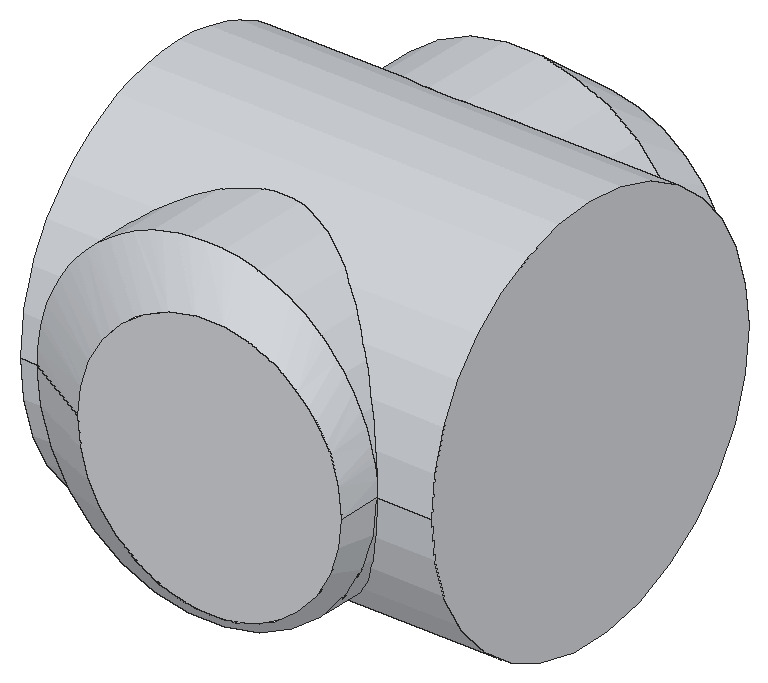
Revit family "M_Cruzamento redondo - Chanfrado", category Conexões de duto, Revit 2019
Family settings
  Cota do conector redondo = Usar raio
  Tipo de parte = Cruzeta
  Número OmniClass = 23.75.70.14
  Título OmniClass = Air Ductwork
  ID de item do Seek = Round Cross - Beveled-0000-CAN-ENU
  Com base no plano de trabalho = Não
  Sempre na vertical = Sim
  Corte com vazios quando carregada = Não
  Compartilhado = Não
Parameters (values of type "Padrão")
  Comprimento do rebaixo [instance] = 25 mm
  Raio base 4 [instance] = Raio do duto 4 * (1 + 0.5 / tan(Ângulo do chanfro 4))  # 257.735 mm
  Raio base 3 [instance] = Raio do duto 3 * (1 + 0.5 / tan(Ângulo do chanfro 4))  # 257.735 mm
  Deslocamento 4 [instance] = (Diâmetro da base 4 - Diâmetro do duto 4) / 2  # 57.735 mm
  Deslocamento 3 [instance] = (Diâmetro da base 3 - Diâmetro do duto 3) / 2  # 57.735 mm
  Comprimento 4 [instance] = (Diâmetro da base 4 - Diâmetro do duto 4) / tan(Ângulo do chanfro 4)  # 66.667 mm
  Comprimento 3 [instance] = (Diâmetro da base 3 - Diâmetro do duto 3) / tan(Ângulo do chanfro 3)  # 66.667 mm
  Raio do duto 4 [instance] = 200 mm
  Raio do duto 3 [instance] = 200 mm
  Raio do duto 2 [instance] = Raio do duto 1  # 300 mm
  Raio do duto 1 [instance] = 300 mm
  Comprimento do duto 2 [instance] = if(Diâmetro da base 4 > Diâmetro da base 3, Diâmetro da base 4 / 2 + Comprimento do rebaixo, Diâmetro da base 3 / 2 + Comprimento do rebaixo)  # 282.735 mm
  Comprimento do duto 1 [instance] = if(Diâmetro da base 4 > Diâmetro da base 3, Diâmetro da base 4 + Comprimento do rebaixo - Raio do duto 4, Diâmetro da base 3 + Comprimento do rebaixo - Raio do duto 3)  # 340.47 mm
  Diâmetro do duto 4 [instance] = 2 * Raio do duto 4  # 400 mm
  Diâmetro do duto 3 [instance] = 2 * Raio do duto 3  # 400 mm
  Diâmetro do duto 2 [instance] = 2 * Raio do duto 2  # 600 mm
  Diâmetro do duto 1 [instance] = 2 * Raio do duto 1  # 600 mm
  Diâmetro da base 4 [instance] = Raio base 4 * 2  # 515.47 mm
  Diâmetro da base 3 [instance] = Raio base 3 * 2  # 515.47 mm
  Comprimento do duto 4 [instance] = Comprimento 4  # 66.667 mm
  Comprimento do duto 3 [instance] = Comprimento 3  # 66.667 mm
  Ângulo do chanfro 4 [instance] = 60.00°
  Ângulo do chanfro 3 [instance] = 60.00°
Reference planes
  plane 1 "Centro (Frente/Trás)": y = 0
  plane 2: z = 0
  plane 3 "Centro (Esquerda/Direita)": x = 0
  plane 4: x = -340.47
  plane 5: x = 282.735
  plane 6: y = 300
  plane 7: y = -300
  plane 8: x = -57.735
  plane 9: x = -57.735
  plane 10: y = 366.667
  plane 11: y = -366.667
Forms (mm)
  Sweep 1, solid, detail levels medium+fine
    path in 3D
      loop
        line (-340.47, 0, 0) -> (282.735, 0, 0)
    profile origin (-28.868, 0, 0) x (0, 1, 0) y (0, 0, 1)
      loop
        circle (0, 0) r 300
  Sweep 2, solid, detail levels medium+fine
    path in 3D
      loop
        line (-57.735, 300, 0) -> (-57.735, 0, 0)
    profile origin (-57.735, 150, 0) x (1, 0, 0) y (0, 0, 1)
      loop
        circle (0, 0) r 257.735
  Sweep 3, solid, detail levels medium+fine
    path in 3D
      loop
        line (-57.735, 0, 0) -> (-57.735, -300, 0)
    profile origin (-57.735, -150, 0) x (1, 0, 0) y (0, 0, 1)
      loop
        circle (0, 0) r 257.735
  Blend 4, solid, detail levels medium+fine
    base sketch origin (-2193.459, 300, 1219.2) x (-1, 0, 0) y (0, 0, 1)
      loop
        circle (-2135.724, -1219.2) r 257.735
    top sketch origin (-2193.459, 300, 1219.2) x (-1, 0, 0) y (0, 0, 1)
      loop
        circle (-2193.459, -1219.2) r 200
    from 0 to 66.667
  Blend 5, solid, detail levels medium+fine
    base sketch origin (-2261.306, -300, 1219.2) x (-1, 0, 0) y (0, 0, 1)
      loop
        circle (-2203.571, -1219.2) r 257.735
    top sketch origin (-2261.306, -300, 1219.2) x (-1, 0, 0) y (0, 0, 1)
      loop
        circle (-2261.306, -1219.2) r 200
    from 0 to -66.667
  Extrusion 6, solid, detail levels medium+fine
    sketch origin (-1777.226, 366.667, 1219.2) x (-1, 0, 0) y (0, 0, 1)
      loop
        circle (-1777.226, -1219.2) r 6.35
    from 0 to -66.667
  Extrusion 7, solid, detail levels medium+fine
    sketch origin (-1946.001, -366.667, 1219.2) x (-1, 0, 0) y (0, 0, 1)
      loop
        circle (-1946.001, -1219.2) r 6.35
    from 0 to 66.667
  Extrusion 8, solid, detail levels medium+fine
    sketch origin (-1777.226, 366.667, 1219.2) x (-1, 0, 0) y (0, 0, 1)
      loop
        circle (-1777.226, -1219.2) r 6.35
    from 0 to -66.667
Cuts and joins
  joined: Sweep 1, Sweep 2, Sweep 3, Blend 4, Blend 5, Extrusion 6, Extrusion 7, Extrusion 8
Lines and regions (mm)
  model lines, detail levels coarse
    curve 1: line (-340.47, 0, 0) -> (282.735, 0, 0)
    curve 7: line (0, 366.667, 0) -> (0, -366.667, 0)
  sketch lines
    curve 2: line (-340.47, 0, 0) -> (282.735, 0, 0)
    curve 5: line (-57.735, 300, 0) -> (-57.735, 0, 0)
    curve 6: line (-57.735, 0, 0) -> (-57.735, -300, 0)
  reference lines
    curve 3: line (-57.735, 300, 0) -> (-57.735, 0, 0)
    curve 4: line (-57.735, 0, 0) -> (-57.735, -300, 0)
Dimensions and locks
  "Raio do duto 1": plane 1 "Centro (Frente/Trás)" to plane 6
  "Raio do duto 1": plane 7 to plane 1 "Centro (Frente/Trás)"
  "Deslocamento 3": plane 9 to plane 3 "Centro (Esquerda/Direita)"
  "Deslocamento 4": plane 8 to plane 3 "Centro (Esquerda/Direita)"
  "Comprimento do duto 1": plane 4 to plane 3 "Centro (Esquerda/Direita)"
  "Comprimento do duto 2": plane 3 "Centro (Esquerda/Direita)" to plane 5
  "Comprimento do duto 4": plane 10 to plane 6
  "Comprimento do duto 3": plane 7 to plane 11
  "Raio do duto 1": radius of Sweep 1 sketch curve
  "Raio base 4": radius of Sweep 2 sketch curve
  "Raio base 3": radius of Sweep 3 sketch curve
  "Raio base 4": radius of Blend 4 sketch curve
  "Raio do duto 4": radius of Blend 4 sketch curve
  "Raio base 3": radius of Blend 5 sketch curve
  "Raio do duto 3": radius of Blend 5 sketch curve
  aligned and locked: plane 1 "Centro (Frente/Trás)" to curve 1
  aligned and locked: plane 4 to curve 1
  aligned and locked: curve 3 to plane 8
  aligned and locked: curve 4 to plane 9
  aligned and locked: plane 6 to curve 3
  aligned and locked: plane 1 "Centro (Frente/Trás)" to curve 3
  aligned and locked: plane 1 "Centro (Frente/Trás)" to curve 4
  aligned and locked: plane 7 to curve 4
  aligned and locked: Blend 4 to plane 6
  aligned and locked: plane 10 to Blend 4
  aligned and locked: Blend 5 to plane 7
  aligned and locked: Blend 5 to plane 11
  aligned and locked: Extrusion 6 to plane 6
  aligned and locked: plane 7 to Extrusion 7
  aligned and locked: curve 7 to plane 3 "Centro (Esquerda/Direita)"
  aligned and locked: plane 10 to curve 7
  aligned and locked: plane 11 to curve 7
  aligned and locked: plane 10 to Extrusion 6
  aligned and locked: Extrusion 8 to plane 6
  aligned and locked: plane 10 to Extrusion 8
  aligned and locked: Extrusion 7 to plane 11
Automatic sketch dimensions
  Sweep 1 sketch curve to profile plane = 0 mm  (x2)
  Sweep 2 sketch curve to profile plane = 0 mm  (x2)
  Sweep 3 sketch curve to profile plane = 0 mm  (x2)
  Blend 4 sketch curve to level = 0 mm  (x2)
  Blend 4 sketch curve to plane 8 = 0 mm
  Blend 4 sketch curve to plane 3 "Centro (Esquerda/Direita)" = 0 mm
  Blend 5 sketch curve to level = 0 mm  (x2)
  Blend 5 sketch curve to plane 9 = 0 mm
  Blend 5 sketch curve to plane 3 "Centro (Esquerda/Direita)" = 0 mm
  Extrusion 7 sketch curve to level = 0 mm
  Extrusion 7 sketch curve to plane 3 "Centro (Esquerda/Direita)" = 0 mm
  Extrusion 6 sketch curve to level = 0 mm
  Extrusion 6 sketch curve to plane 3 "Centro (Esquerda/Direita)" = 0 mm
  Extrusion 8 sketch curve to level = 0 mm
  Extrusion 8 sketch curve to plane 3 "Centro (Esquerda/Direita)" = 0 mm
  curve 1 to plane 5 = 0 mm
  radius of Extrusion 7 sketch curve = 6.35 mm
  radius of Extrusion 6 sketch curve = 6.35 mm
  radius of Extrusion 8 sketch curve = 6.35 mm
Connectors
  hvac at (-340.47, 0, 0), driven by "Raio do duto 1"
    settings: on cut or joined group of Sweep 1, Sweep 2, Sweep 3, Blend 4, Blend 5, Extrusion 6, Extrusion 7, Extrusion 8, index 1, duct flow 0.0 L/s, flow factor 0, pres drop 0.0 Pa, loss coef 0, conn angle 0.00°, conn width 304.8 mm, conn height 304.8 mm, conn diameter 600 mm, duct sys type 28, conn prof type 0, flow config 0, flow direction 0, loss method 0, conn ref index 2, conn util no, is conn primary yes, conn desc ""
  hvac at (282.735, 0, 0), driven by "Raio do duto 1"
    settings: on cut or joined group of Sweep 1, Sweep 2, Sweep 3, Blend 4, Blend 5, Extrusion 6, Extrusion 7, Extrusion 8, index 2, duct flow 0.0 L/s, flow factor 0, pres drop 0.0 Pa, loss coef 0, conn angle 0.00°, conn width 304.8 mm, conn height 304.8 mm, conn diameter 600 mm, duct sys type 28, conn prof type 0, flow config 0, flow direction 0, loss method 0, conn ref index 1, conn util no, is conn primary no, conn desc ""
  hvac at (0, -366.667, 0), driven by "Raio do duto 3"
    settings: on cut or joined group of Sweep 1, Sweep 2, Sweep 3, Blend 4, Blend 5, Extrusion 6, Extrusion 7, Extrusion 8, index 3, duct flow 0.0 L/s, flow factor 0, pres drop 0.0 Pa, loss coef 0, conn angle 0.00°, conn width 304.8 mm, conn height 304.8 mm, conn diameter 400 mm, duct sys type 28, conn prof type 0, flow config 0, flow direction 0, loss method 0, conn ref index 4, conn util no, is conn primary no, conn desc ""
  hvac at (0, 366.667, 0), driven by "Raio do duto 4"
    settings: on cut or joined group of Sweep 1, Sweep 2, Sweep 3, Blend 4, Blend 5, Extrusion 6, Extrusion 7, Extrusion 8, index 4, duct flow 0.0 L/s, flow factor 0, pres drop 0.0 Pa, loss coef 0, conn angle 0.00°, conn width 304.8 mm, conn height 304.8 mm, conn diameter 400 mm, duct sys type 28, conn prof type 0, flow config 0, flow direction 0, loss method 0, conn ref index 3, conn util no, is conn primary no, conn desc ""
